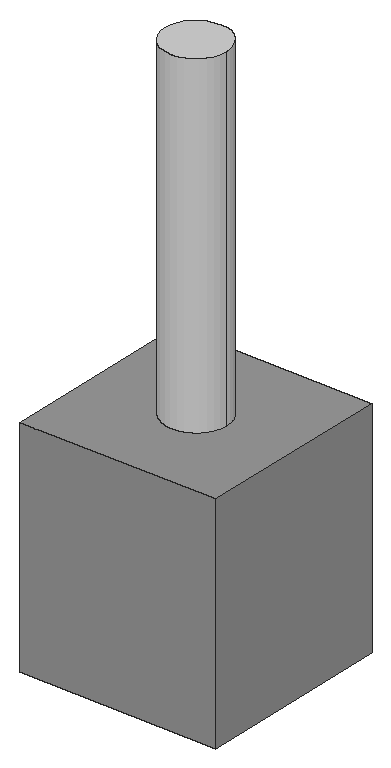
Revit family "Bollard-1_800_Bollards-Fixed-CS1", category Site, Revit 2017
Family settings
  Round Connector Dimension = Use Diameter
  Part Type = Normal
  OmniClass Number = 23.15.10.11.21
  OmniClass Title = Traffic Safety Barriers and Protections
  Work Plane-Based = No
  Always vertical = Yes
  Cut with Voids When Loaded = No
  Shared = No
Parameters (values of type "6 in")
  URL = "https://1800bollards.com/"
  Type Comments = if([4 in Bollard], "4 in Nominal Diameter", if([5 in Bollard], "5 in Nominal Diameter", if([6 in Bollard], "6 in Nominal Diameter", if([8 in Bollard], "8 in Nominal Diameter", if([10 in Bollard], "10 in Nominal Diameter", if([12 in Bollard], "12 in Nominal Diameter", "3 in Nominal Diameter"))))))  # "6 in Nominal Diameter"
  Thickness = if([4 in Bollard], 0' 4 1/2", if([5 in Bollard], 0' 5 143/256", if([6 in Bollard], 0' 6 159/256", if([8 in Bollard], 0' 8 159/256", if([10 in Bollard], 0' 10 3/4", if([12 in Bollard], 1' 0 3/4", 0' 3 1/2"))))))  # 0' - 6 159/256"
  Stainless Steel = not(Carbon Steel)  # yes
  Sloped Offset [instance] = if(Sloped, 0' 0", Thickness)  # 0' - 6 159/256"
  Sloped [instance] = no
  Reveal Offset [instance] = if(Reveal, 0' 2 179/256", 0' 0")  # 0' - 0"
  Reveal [instance] = no
  Rebar by others = yes
  Product Page URL = "https://1800bollards.com/product-category/security-bollards/"
  Product Name = "Security Bollards"  # constant formula
  Product Documentation Link = "https://microsite.caddetails.com/Main/Company/ViewFolder?folderID=16765&companyID=5046&searchType=None&microsite=1"
  Model = "Fixed Bollards"  # constant formula
  Manufacturer = "1-800-BOLLARDS"  # constant formula
  Height Below Grade = if(or([10 in Bollard], [12 in Bollard]), 1' 3", 1' 0")  # 1' - 0"
  Height = 3' - 0"  # constant formula
  Foundation Width = if([12 in Bollard], 2' 6", 1' 9")  # 1' - 9"
  Foundation Depth = if([12 in Bollard], 2' 6", 2' 0")  # 2' - 0"
  Flat [instance] = not(or(or(Dome, Reveal, Sloped)))  # yes
  Finish = Metal-1_800_Bollards-Stainless_Steel
  Dome Offset [instance] = if(Dome, 0' 0", Dome Height + 0' 1")  # 0' - 2.91135"
  Dome Height = Bollard Radius * tan(30.00°)  # 0' - 1.91135"
  Dome [instance] = no
  Description = if(Carbon Steel, "Carbon Steel Fixed Bollard", "Stainless Steel Fixed Bollard")  # "Stainless Steel Fixed Bollard"
  Concrete by others = yes
  Concrete Finish by others = Concrete, Lightweight
  Carbon Steel = no
  Bollard Radius = Thickness / 2  # 0' - 3.31055"
  Assembly Code = "G2010400"
  8 in Bollard = no
  6 in Bollard = yes
  5 in Bollard = no
  4 in Bollard = no
  3 in Bollard = not(or(or(or(or(or(or([4 in Bollard], [5 in Bollard], [6 in Bollard], [8 in Bollard], [10 in Bollard], [12 in Bollard])))))))  # no
  12 in Bollard = no
  10 in Bollard = no
Types (8): name | Type Comments | Thickness | Sloped Offset | Height Below Grade | Foundation Width | Foundation Depth | Dome Offset | Dome Height | Bollard Radius | Assembly Code | 8 in Bollard | 6 in Bollard | 5 in Bollard | 4 in Bollard | 3 in Bollard | 12 in Bollard | 10 in Bollard
  (no name) | "6 in Nominal Diameter" | 0' - 6 159/256" | 0' - 6 159/256" | 1' - 0" | 1' - 9" | 2' - 0" | 0' - 2.91135" | 0' - 1.91135" | 0' - 3.31055" | "G2010400" | no | yes | no | no | no | no | no
  3 in | "3 in Nominal Diameter" | 0' - 3 1/2" | 0' - 3 1/2" | 1' - 0" | 1' - 9" | 2' - 0" | 0' - 2.01036" | 0' - 1.01036" | 0' - 1 3/4" | "G2010400" | no | no | no | no | yes | no | no
  4 in | "4 in Nominal Diameter" | 0' - 4 1/2" | 0' - 4 1/2" | 1' - 0" | 1' - 9" | 2' - 0" | 0' - 2.29904" | 0' - 1.29904" | 0' - 2 1/4" | "G2010400" | no | no | no | yes | no | no | no
  5 in | "5 in Nominal Diameter" | 0' - 5 143/256" | 0' - 5 143/256" | 1' - 0" | 1' - 9" | 2' - 0" | 0' - 2.60463" | 0' - 1.60463" | 0' - 2.7793" | "G2010400" | no | no | yes | no | no | no | no
  6 in | "6 in Nominal Diameter" | 0' - 6 159/256" | 0' - 6 159/256" | 1' - 0" | 1' - 9" | 2' - 0" | 0' - 2.91135" | 0' - 1.91135" | 0' - 3.31055" | "G2010400" | no | yes | no | no | no | no | no
  8 in | "8 in Nominal Diameter" | 0' - 8 159/256" | 0' - 8 159/256" | 1' - 0" | 1' - 9" | 2' - 0" | 0' - 3.4887" | 0' - 2.4887" | 0' - 4.31055" | "G2020400" | yes | no | no | no | no | no | no
  10 in | "10 in Nominal Diameter" | 0' - 10 3/4" | 0' - 10 3/4" | 1' - 3" | 1' - 9" | 2' - 0" | 0' - 4.10326" | 0' - 3.10326" | 0' - 5 3/8" | "G2010400" | no | no | no | no | no | no | yes
  12 in | "12 in Nominal Diameter" | 1' - 0 3/4" | 1' - 0 3/4" | 1' - 3" | 2' - 6" | 2' - 6" | 0' - 4.68061" | 0' - 3.68061" | 0' - 6 3/8" | "G2010400" | no | no | no | no | no | yes | no
Reference planes (in)
  plane 1 "Center (Front/Back)": y = 0
  plane 2: z = 0
  plane 3 "Center (Left/Right)": x = 0
  plane 4 "Top": z = 36
  plane 5 "Bottom": z = -12
  plane 6 "Right": x = 3.31055
  plane 7 "Left": x = -3.31055
  plane 8 "Back": y = 3.31055
  plane 9 "Front": y = -3.31055
Forms (in)
  Extrusion 1, solid, material "Metal-1_800_Bollards-Stainless_Steel" <- "Finish", detail levels medium+fine
    sketch origin (0, 0, 0) x (1, 0, 0) y (0, 1, 0)
      loop
        circle (0, 0) r 3.31055
    from -12 to 36
  Extrusion 2, solid, material "Metal-1_800_Bollards-Stainless_Steel" <- "Finish", detail levels coarse
    sketch origin (0, 0, 0) x (1, 0, 0) y (0, 1, 0)
      loop
        line (-3.31055, 3.31055) -> (-3.31055, -3.31055) -> (3.31055, -3.31055) -> (3.31055, 3.31055) -> (-3.31055, 3.31055)
    from -12 to 36
  Extrusion 3, void
    sketch origin (0, 0, 0) x (0, 1, 0) y (0, 0, 1)
      loop
        line (-3.31055, 42.62109) -> (3.31055, 37.98495) -> (3.31055, 42.62109) -> (-3.31055, 42.62109)
    from -3.31055 to 3.31055
  Revolve 4, void
    sketch origin (0, 0, 0.125) x (1, 0, 0) y (0, 0, 1)
      loop
        line (3.1567, 37.125) -> (3.1567, 35.875) -> (3.31055, 35.875) -> (3.31055, 37.125) -> (3.1567, 37.125)
      axis (0, 35.875) -> (0, 37.125)
    angle from 0 to 360
  Revolve 5, void
    sketch origin (0, 0, 0) x (1, 0, 0) y (0, 0, 1)
      loop
        line (3.31055, 37) -> (3.31055, 38.91135) -> (0, 38.91135)
        arc (0, 38.91135) -> (1.91135, 38.3992) -> (3.31055, 37) r 3.82269
      axis (0, 38.91135) -> (0, 37)
    angle from 0 to 360
  Extrusion 6, solid, material "Concrete, Lightweight" <- "Concrete Finish by others", visible <- "Concrete by others"
    sketch origin (0, 0, 0) x (1, 0, 0) y (0, 1, 0)
      loop
        line (-10.5, 10.5) -> (-10.5, -10.5) -> (10.5, -10.5) -> (10.5, 10.5) -> (-10.5, 10.5)
    from 0 to -24
Cuts and joins
  Extrusion 3, Revolve 4, Revolve 5 cuts Extrusion 1
Dimensions and locks (in)
  "Height": plane 4 "Top" to level
  "Height Below Grade": level to plane 5 "Bottom"
  "Thickness": plane 7 "Left" to plane 6 "Right"
  "Thickness": plane 9 "Front" to plane 8 "Back"
  equal spacing: plane 9 "Front", plane 1 "Center (Front/Back)", plane 8 "Back"
  equal spacing: plane 7 "Left", plane 3 "Center (Left/Right)", plane 6 "Right"
  "Sloped Offset": Extrusion 3 sketch curve to plane 4 "Top"
  plane 6 "Right" to Revolve 4 sketch curve to Revolve 4 sketch curve = 0' - 0" locked, 0' - 0.15385" locked
  "Reveal Offset": plane 4 "Top" to Revolve 4 sketch curve
  locked: Revolve 4 sketch curve to Revolve 4 sketch curve at 1.25
  "Dome Offset": Revolve 5 sketch curve to plane 4 "Top"
  "Dome Height": Revolve 5 sketch curve to Revolve 5 sketch curve
  equal spacing: Extrusion 6 sketch curve, plane 3 "Center (Left/Right)", Extrusion 6 sketch curve
  "Foundation Width": Extrusion 6 sketch curve to Extrusion 6 sketch curve  (x2)
  equal spacing: Extrusion 6 sketch curve, plane 1 "Center (Front/Back)", Extrusion 6 sketch curve
  "Foundation Depth": level to Extrusion 6
  locked: plane 3 "Center (Left/Right)" to Extrusion 1 sketch curve at 0
  locked: plane 1 "Center (Front/Back)" to Extrusion 1 sketch curve at 0
  "Bollard Radius": radius of Extrusion 1 sketch curve
  locked: Extrusion 3 sketch curve to plane 4 "Top" (angle 35.00°)
  aligned and locked: plane 2 to level
  aligned and locked: plane 4 "Top" to Extrusion 1
  aligned and locked: plane 8 "Back" to Extrusion 2 sketch curve
  aligned and locked: plane 7 "Left" to Extrusion 2 sketch curve
  aligned and locked: Extrusion 2 sketch curve to plane 9 "Front"
  aligned and locked: Extrusion 2 sketch curve to plane 6 "Right"
  aligned and locked: plane 4 "Top" to Extrusion 2
  aligned and locked: Revolve 4 sketch curve to plane 3 "Center (Left/Right)"
  aligned and locked: plane 6 "Right" to Revolve 5 sketch curve
  aligned and locked: plane 3 "Center (Left/Right)" to Revolve 5 sketch curve
  aligned and locked: plane 5 "Bottom" to Extrusion 1
  aligned and locked: nested 2 to plane 3 "Center (Left/Right)"
  aligned and locked: nested 2 to level
  aligned and locked: nested 1 to plane 1 "Center (Front/Back)"
  aligned and locked: nested 1 to level
  aligned and locked: plane 6 "Right" to Extrusion 3
  aligned and locked: Extrusion 3 to plane 7 "Left"
  aligned and locked: Extrusion 3 sketch curve to plane 8 "Back"
  aligned and locked: plane 9 "Front" to Extrusion 3 sketch curve
  aligned and locked: plane 5 "Bottom" to Extrusion 2
  aligned and locked: Extrusion 6 to level
Automatic sketch dimensions
  Revolve 4 sketch curve to plane 4 "Top" = 0' - 0.67477"
  Revolve 4 sketch curve to Revolve 4 sketch curve = 0' - 0.45023"
  Revolve 5 sketch curve to plane 3 "Center (Left/Right)" = 0' - 0"
  Revolve 5 sketch curve to Revolve 5 sketch curve = 0' - 0.90788"
  Revolve 5 sketch curve to Revolve 5 sketch curve = 0' - 0 5/8"
Nested families (in)
  nested 1: "Nested-1_800_Bollards-Fixed-Mounting_Detail" at (0, 0, 0) x (0, 1, 0) z (1, 0, 0), type "Mounting Detail Side View"
  nested 2: "Nested-1_800_Bollards-Fixed-Mounting_Detail" at (0, 0, 0) x (1, 0, 0) z (0, -1, 0), type "Mounting Detail Front View"
Definition of nested family "Nested-1_800_Bollards-Fixed-Mounting_Detail"
  Parameters (values of type "Mounting Detail Front View")
    Width = 1' - 9"
    Warranty = ""
    URL = "https://1800bollards.com/"
    Type Comments = "for use with 1-800-Bollards Models only"  # constant formula
    Side View = no
    Side Rebar by others = and(Side View, Rebar by others)  # no
    Rebar by others = yes
    Product Page URL = "https://1800bollards.com/product-category/security-bollards/fixed-bollards-stainless-steel/"
    Product Name = ""
    Product Documentation Link = "https://microsite.caddetails.com/Main/Company/ViewFolder?folderID=16765&companyID=5046&searchType=None&microsite=1"
    Model = "Bollard Mounting Detail"  # constant formula
    Manufacturer = "1-800-BOLLARDS"  # constant formula
    Lid Height = Bollard Width + 0' 1 233/256"  # 0' - 10 17/32"
    Lid Depth = Bollard Width + 0' 8 9/128"  # 1' - 4 177/256"
    Front View = not(Side View)  # yes
    Front Rebar by others = and(Front View, Rebar by others)  # yes
    Description = "Fixed Bollard"  # constant formula
    Depth = 2' - 0"
    Concrete by others = yes
    Bollard Width = 0' - 8 159/256"
    Bollard Radius = Bollard Width / 2  # 0' - 4.31055"
    Bollard Depth = 1' - 0"
  Types (2): name | Side View | Side Rebar by others | Front View | Front Rebar by others
    Mounting Detail Front View | no | no | yes | yes
    Mounting Detail Side View | yes | yes | no | no
  Reference planes (in)
    plane 1 "Top": y = 0
    plane 2: z = 0
    plane 3 "Center (Left/Right)": x = 0
    plane 4 "Bottom": y = -24
    plane 5 "Left": x = -10.5
    plane 6 "Right": x = 10.5
  Lines and regions (in)
    Filled region 1, type "Concrete", in view "Ref. Level", visible <- "Concrete by others", detail levels medium+fine
      outline origin (0, 0, 0) x (1, 0, 0) y (0, 1, 0)
        loop
          line (-10.5, 0) -> (-10.5, -24) -> (10.5, -24) -> (10.5, 0) -> (-10.5, 0)
    Masking region 1, in view "Ref. Level", visible <- "Concrete by others", detail levels coarse
      outline origin (0, 0, 0) x (1, 0, 0) y (0, 1, 0)
        loop
          line (-10.5, 0) -> (-10.5, -24) -> (10.5, -24) -> (10.5, 0) -> (-10.5, 0)
    Masking region 2, in view "Ref. Level", visible <- "Front Rebar by others", detail levels fine
      outline origin (0, 0, 0) x (1, 0, 0) y (0, 1, 0)
        loop
          line (-7.5, -21.98574) -> (-7.5, -2) -> (-8, -2) -> (-8, -21.98574) -> (-7.5, -21.98574)
        loop
          line (7.5, -2) -> (7.5, -21.98574) -> (8, -21.98574) -> (8, -2) -> (7.5, -2)
    Masking region 3, in view "Ref. Level", visible <- "Front Rebar by others", detail levels fine
      outline origin (-10.5, -10.5, 0) x (-1, 0, 0) y (0, -1, 0)
        loop
          line (-19.5, -7.5) -> (-19.5, -8) -> (-1.5, -8) -> (-1.5, -7.5) -> (-19.5, -7.5)
        loop
          line (-1.5, 10.5) -> (-1.5, 11) -> (-19.5, 11) -> (-19.5, 10.5) -> (-1.5, 10.5)
    Masking region 4, in view "Ref. Level", visible <- "Side Rebar by others", detail levels fine
      outline origin (0, 0, 0) x (1, 0, 0) y (0, 1, 0)
        loop
          line (-7.5, -5) -> (-7.5, -19)
          arc (-7.5, -19) -> (-6.91421, -20.41421) -> (-5.5, -21) r 2
          line (-5.5, -21) -> (5.5, -21)
          arc (5.5, -21) -> (6.91421, -20.41421) -> (7.5, -19) r 2
          line (7.5, -19) -> (7.5, -5)
          arc (7.5, -5) -> (6.91421, -3.58579) -> (5.5, -3) r 2
          line (5.5, -3) -> (-5.5, -3)
          arc (-5.5, -3) -> (-6.91421, -3.58579) -> (-7.5, -5) r 2
        loop
          line (-8, -5) -> (-8, -19)
          arc (-8, -19) -> (-7.26777, -20.76777) -> (-5.5, -21.5) r 2.5
          line (-5.5, -21.5) -> (5.5, -21.5)
          arc (5.5, -21.5) -> (7.26777, -20.76777) -> (8, -19) r 2.5
          line (8, -19) -> (8, -5)
          arc (8, -5) -> (7.26777, -3.23223) -> (5.5, -2.5) r 2.5
          line (5.5, -2.5) -> (-5.5, -2.5)
          arc (-5.5, -2.5) -> (-7.26777, -3.23223) -> (-8, -5) r 2.5
    Masking region 5, in view "Ref. Level"
      outline origin (0, 0, 0) x (1, 0, 0) y (0, 1, 0)
        loop
          line (-4.31055, -12) -> (4.31055, -12) -> (4.31055, 0) -> (-4.31055, 0) -> (-4.31055, -12)
    detail lines, in view "Ref. Level", detail levels medium+fine
      curve 1: line (-4.31055, 0, 0) -> (-4.31055, -12, 0)
      curve 2: line (-4.31055, -12, 0) -> (4.31055, -12, 0)
      curve 3: line (4.31055, -12, 0) -> (4.31055, 0, 0)
  Dimensions and locks (in)
    "Depth": plane 4 "Bottom" to plane 1 "Top"
    "Width": plane 5 "Left" to plane 6 "Right"
    equal spacing: plane 5 "Left", plane 3 "Center (Left/Right)", plane 6 "Right"
    equal spacing: curve 1, plane 3 "Center (Left/Right)", curve 3
    "Bollard Width": curve 1 to curve 3
    "Bollard Depth": curve 2 to plane 1 "Top"
    plane 1 "Top" to Masking region 3 sketch curve to Masking region 3 sketch curve = 0' - 2 1/2" locked, 0' - 0 1/2" locked
    Masking region 3 sketch curve to Masking region 3 sketch curve to plane 4 "Bottom" = 0' - 0 1/2" locked, 0' - 2 1/2" locked
    plane 5 "Left" to Masking region 3 sketch curve to Masking region 3 sketch curve = 0' - 1 1/2" locked, 0' - 0" locked
    Masking region 3 sketch curve to Masking region 3 sketch curve to plane 6 "Right" = 0' - 0" locked, 0' - 1 1/2" locked
    plane 5 "Left" to Masking region 2 sketch curve to Masking region 2 sketch curve = 0' - 2 1/2" locked, 0' - 0 1/2" locked
    Masking region 2 sketch curve to Masking region 2 sketch curve to plane 6 "Right" = 0' - 0 1/2" locked, 0' - 2 1/2" locked
    Masking region 2 sketch curve to Masking region 2 sketch curve to plane 4 "Bottom" = 0' - 0" locked, 0' - 2.01426" locked
    Masking region 2 sketch curve to Masking region 2 sketch curve to plane 1 "Top" = 0' - 0" locked, 0' - 2" locked
    plane 5 "Left" to Masking region 4 sketch curve to Masking region 4 sketch curve = 0' - 2 1/2" locked, 0' - 0 1/2" locked
    Masking region 4 sketch curve to Masking region 4 sketch curve to plane 6 "Right" = 0' - 0 1/2" locked, 0' - 2 1/2" locked
    Masking region 4 sketch curve to Masking region 4 sketch curve to plane 4 "Bottom" = 0' - 0 1/2" locked, 0' - 2 1/2" locked
    Masking region 4 sketch curve to Masking region 4 sketch curve to plane 1 "Top" = 0' - 0 1/2" locked, 0' - 2 1/2" locked
    "Bollard Depth": Masking region 5 sketch curve to plane 1 "Top"
    equal spacing: Masking region 5 sketch curve, plane 3 "Center (Left/Right)", Masking region 5 sketch curve
    "Bollard Width": Masking region 5 sketch curve to Masking region 5 sketch curve
    aligned and locked: plane 1 "Top" to Filled region 1 sketch curve
    aligned and locked: plane 1 "Top" to Masking region 1 sketch curve
    aligned and locked: plane 4 "Bottom" to Masking region 1 sketch curve
    aligned and locked: plane 6 "Right" to Masking region 1 sketch curve
    aligned and locked: plane 5 "Left" to Masking region 1 sketch curve
    aligned and locked: plane 5 "Left" to Filled region 1 sketch curve
    aligned and locked: plane 6 "Right" to Filled region 1 sketch curve
    aligned and locked: plane 4 "Bottom" to Filled region 1 sketch curve
    aligned and locked: plane 1 "Top" to Masking region 5 sketch curve
  Automatic sketch dimensions
    Masking region 4 sketch curve to Masking region 4 sketch curve = 0' - 0"  (x4)
    Masking region 4 sketch curve to Masking region 4 sketch curve = 0' - 2"  (x3)
    plane 6 "Right" to Masking region 4 sketch curve = 0' - 5"
    plane 1 "Top" to curve 3 = 0' - 0"
    plane 1 "Top" to curve 1 = 0' - 0"
